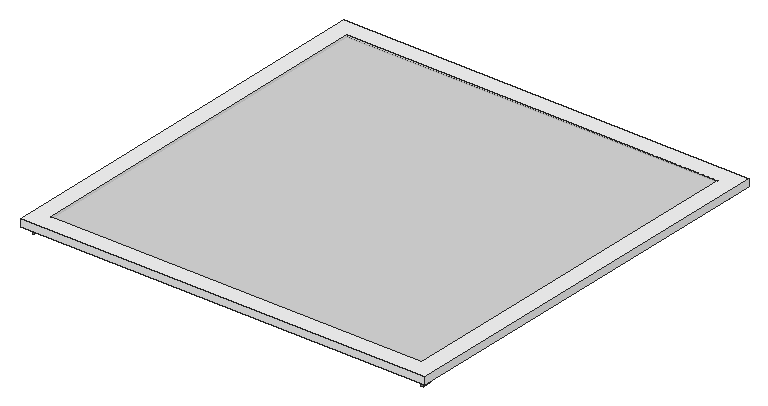
Revit family "0047750 Feilo Sylvania Lighting Fixtures START FLAT 600 3000K G2", category Lighting Fixtures, host Face, Revit 2017
Family settings
  Host = Face
  Round Connector Dimension = Use Diameter
  Part Type = Normal
  OmniClass Number = 23.80.70.11.17
  OmniClass Title = Specialized Lighting by Location or Use
  Cut with Voids When Loaded = No
  Light Source = Yes
  Shared = No
  Room Calculation Point = No
Parameters (values of type "0047750 START FLAT 600 3000K G2")
  Weight = "12.25 kg"
  Wattage = 39 W
  WarrantyStartDate [instance] = "n/a"
  WarrantyGuarantorParts = "n/a"
  WarrantyDurationUnit = "n/a"
  WarrantyDurationParts = "n/a"
  WarrantyDescription = "n/a"
  built-in parameter 1150110 = 1 (stored number, unit not read)
  Voltage = 230 V
  URL = "http://www.sylvania-lighting.com"
  TypeName = "START FLAT 600 3000K G2"
  built-in parameter 1114217 = 1 (stored number, unit not read)
  Tilt Angle = -90.00°
  built-in parameter 1150109 = 1 (stored number, unit not read)
  built-in parameter 1150134 = (empty or 0)
  built-in parameter 1150113 = 1 (stored number, unit not read)
  SerialNumber [instance] = "n/a"
  PowerFactor = 0.9
  PowerConsumption = "39 W"
  Photometric Web File = "0047750.ies"
  NominalWidth = 0.0 mm
  NominalLength = 595.0 mm
  NominalHeight = 10.5 mm
  Name = "START FLAT 600 3000K G2"
  ModelReference = "START FLAT 600 3000K G2"
  ModelNumber = "0047750"
  Material = "aluminium housing, pmma diffuser"
  ManufacturerName = "Feilo Sylvania"
  LuminousEfficacy = "100 lm/W"
  LuminaireType = ""
  LightOutputRatio = "n/a"
  LampsType = Lamp  # "Integrated LED"
  LampNominalLuminous = "3900 lm"
  LampMacAdamStep = "3"
  LampColourTemperature = "3000 K"
  LampColourRenderingIndex = "80"
  Keynote = "16500"
  InstallationDate [instance] = "n/a"
  InputVoltage = "220-240V~"
  InputNominalFrequency = "50/60 Hz"
  IngressProtection = "IP20"
  ImpactProtectionIndex = "IK03"
  IfcExportType = "IfcLightFixtureType"
  IfcExportAs = "IfcLightFixtureType"
  ExpectedLife = 50000
  ElectricShockClassification = "Class II"
  DurationUnit = "hours"
  DocumentationLiterature = "http://www.sylvania-lighting.com/product/en-int/products/0047750"
  DimmingControlOptions = "n/a"
  DiffuserMaterial = Polycarbonate_Sylvania_Startflat Panel LED_Opal
  Cutout Width = 574.0 mm
  Cutout Length = 574.0 mm
  CreatedOn = "11/30/2017"
  CreatedBy = ""
  built-in parameter 1114216 [instance] = 1 (stored number, unit not read)
  Model = "START FLAT 600 3000K G2"
  Manufacturer = "Feilo-Sylvania Group"
  built-in parameter 1150105 = 310.35 (stored number, unit not read)
  Lumens = 3900 lm
  built-in parameter 1150115 = 1 (stored number, unit not read)
  built-in parameter 1150137 = (empty or 0)
  built-in parameter 1150139 = (empty or 0)
  built-in parameter 1150112 = 1 (stored number, unit not read)
  built-in parameter 1150114 = 1 (stored number, unit not read)
  Lamp = "Integrated LED"  # constant formula
  built-in parameter 1150132 = 2
  built-in parameter 1150102 = (empty or 0)
  built-in parameter 1150107 = 3000 (stored number, unit not read)
  built-in parameter 1150138 = (empty or 0)
  built-in parameter 1150106 = 3.1035 (stored number, unit not read)
  BodyMaterial = Metal_Sylvania_Startflat Panel LED_White
  Emit from Rectangle Width = 545.0 mm
  Emit from Rectangle Length = 545.0 mm
  Emit Shape Visible in Rendering = no
  built-in parameter 1150104 = 9.2903 (stored number, unit not read)
  Dimming Lamp Color Temperature Shift = <None>
  Description = "Ultra thin LED Panel, excellent uniformity of light, perfect for ceilings with low voids, high efficacy.Ulta thin edgelit LED 600x600mm Panel with, excellent uniform light distribution. Acrylic PMMA diffuser optimising light output whilst reducing glare. 4239lm 93lm/W."  # constant formula
  Default Elevation = 0.0 mm
  Color Filter = 16777215
  built-in parameter 1140040 [instance] = 1
  BarCode [instance] = "n/a"
  built-in parameter 1114218 = 1 (stored number, unit not read)
  built-in parameter 1150133 = 10 (stored number, unit not read)
  AssetType = "Fixed"
  AssetIdentifier [instance] = "n/a"
  Assembly Code = "D5020200"
  Apparent Load = 39 VA
  MountingMaterial = Metal_Sylvania_Startflat Panel LED_Silver
Reference planes
  plane 1 "Center (Front/Back)": y = 0
  plane 2 "Fixture Top": z = 0
  plane 3 "Center (Left/Right)": x = 0
  plane 4: x = 295.5
  plane 5: x = -295.5
  plane 6 "Fixture Back": y = 297.5
  plane 7 "Fixture Front": y = -297.5
  plane 8 "Fixture Left": x = -297.5
  plane 9 "Fixture Right": x = 297.5
  plane 10: y = 295.5
  plane 11: y = -295.5
  plane 12: x = 272.5
  plane 13: x = -272.5
  plane 14: y = 272.5
  plane 15: y = -272.5
  plane 16: x = -287
  plane 17: x = 287
  plane 18: y = 287
  plane 19: y = -287
  plane 20 "Fixture Bottom": z = 10.5
  plane 21: z = 8.5
  plane 22: z = 6.5
  plane 23: z = -10
  plane 24: z = 2
Forms (mm)
  Extrusion 1, void
    sketch origin (0, 0, 60) x (-1, 0, 0) y (0, -1, 0)
      loop
        line (287, -287) -> (287, 287) -> (-287, 287) -> (-287, -287) -> (287, -287)
    from -70 to -60
  Extrusion 2, solid, material "Metal_Sylvania_Startflat Panel LED_White" <- "BodyMaterial", detail levels fine
    sketch origin (0, 0, 60) x (-1, 0, 0) y (0, -1, 0)
      loop
        line (297.5, -297.5) -> (297.5, 297.5) -> (-297.5, 297.5) -> (-297.5, -297.5) -> (297.5, -297.5)
      loop
        line (272.5, -272.5) -> (272.5, 272.5) -> (-272.5, 272.5) -> (-272.5, -272.5) -> (272.5, -272.5)
    from -51.5 to -49.5
  Extrusion 3, solid, material "Metal_Sylvania_Startflat Panel LED_White" <- "BodyMaterial", detail levels fine
    sketch origin (0, 0, 60) x (-1, 0, 0) y (0, -1, 0)
      loop
        line (297.5, -297.5) -> (297.5, 297.5) -> (-297.5, 297.5) -> (-297.5, -297.5) -> (297.5, -297.5)
      loop
        line (295.5, -295.5) -> (295.5, 295.5) -> (-295.5, 295.5) -> (-295.5, -295.5) -> (295.5, -295.5)
    from -60 to -51.5
  Extrusion 4, solid, material "Polycarbonate_Sylvania_Startflat Panel LED_Opal" <- "DiffuserMaterial", detail levels fine
    sketch origin (0, 0, 60) x (-1, 0, 0) y (0, -1, 0)
      loop
        line (295.5, -295.5) -> (295.5, 295.5) -> (-295.5, 295.5) -> (-295.5, -295.5) -> (295.5, -295.5)
    from -53.5 to -51.5
  Extrusion 5, solid, material "Metal_Sylvania_Startflat Panel LED_Silver" <- "MountingMaterial", detail levels fine
    sketch origin (0, 0, 60) x (-1, 0, 0) y (0, -1, 0)
      loop
        line (287, -287) -> (287, -272.5) -> (284, -272.5) -> (284, -287) -> (287, -287)
      loop
        line (-284, -287) -> (-284, -272.5) -> (-287, -272.5) -> (-287, -287) -> (-284, -287)
      loop
        line (-284, 272.5) -> (-284, 287) -> (-287, 287) -> (-287, 272.5) -> (-284, 272.5)
      loop
        line (284, 272.5) -> (287, 272.5) -> (287, 287) -> (284, 287) -> (284, 272.5)
    from -70 to -60
  Extrusion 6, solid, material "Metal_Sylvania_Startflat Panel LED_White" <- "BodyMaterial", detail levels fine
    sketch origin (0, 0, 60) x (-1, 0, 0) y (0, -1, 0)
      loop
        line (297.5, -297.5) -> (297.5, 297.5) -> (-297.5, 297.5) -> (-297.5, -297.5) -> (297.5, -297.5)
    from -60 to -58
  Extrusion 7, solid, material "Metal_Sylvania_Startflat Panel LED_White" <- "BodyMaterial", detail levels coarse+medium
    sketch origin (0, 0, 60) x (-1, 0, 0) y (0, -1, 0)
      loop
        line (297.5, -297.5) -> (297.5, 297.5) -> (-297.5, 297.5) -> (-297.5, -297.5) -> (297.5, -297.5)
    from -60 to -49.5
Cuts and joins
  joined: Extrusion 2, Extrusion 3, Extrusion 6
Dimensions and locks
  equal spacing: plane 6 "Fixture Back", plane 1 "Center (Front/Back)", plane 7 "Fixture Front"
  locked: plane 6 "Fixture Back" to plane 7 "Fixture Front" at 595
  equal spacing: plane 8 "Fixture Left", plane 3 "Center (Left/Right)", plane 9 "Fixture Right"
  locked: plane 8 "Fixture Left" to plane 9 "Fixture Right" at 595
  locked: plane 8 "Fixture Left" to plane 5 at 2
  locked: plane 4 to plane 9 "Fixture Right" at 2
  locked: plane 6 "Fixture Back" to plane 10 at 2
  locked: plane 11 to plane 7 "Fixture Front" at 2
  locked: plane 12 to plane 9 "Fixture Right" at 25
  locked: plane 8 "Fixture Left" to plane 13 at 25
  locked: plane 6 "Fixture Back" to plane 14 at 25
  locked: plane 15 to plane 7 "Fixture Front" at 25
  equal spacing: plane 16, plane 3 "Center (Left/Right)", plane 17
  "Cutout Length": plane 16 to plane 17
  equal spacing: plane 18, plane 1 "Center (Front/Back)", plane 19
  "Cutout Width": plane 18 to plane 19
  locked: plane 20 "Fixture Bottom" to plane 2 "Fixture Top" at 10.5
  plane 20 "Fixture Bottom" to plane 21 to plane 22 = 2.0 mm locked, 2.0 mm locked
  locked: plane 2 "Fixture Top" to plane 23 at 10
  locked: plane 16 to Extrusion 5 sketch curve at 3
  locked: Extrusion 5 sketch curve to plane 17 at 3
  locked: plane 24 to plane 2 "Fixture Top" at 2
  aligned and locked: level to host face
  aligned and locked: imposter light to plane 1 "Center (Front/Back)"
  aligned and locked: plane 2 "Fixture Top" to Extrusion 1
  aligned and locked: Extrusion 2 sketch curve to plane 6 "Fixture Back"
  aligned and locked: plane 8 "Fixture Left" to Extrusion 2 sketch curve
  aligned and locked: plane 7 "Fixture Front" to Extrusion 2 sketch curve
  aligned and locked: Extrusion 2 sketch curve to plane 9 "Fixture Right"
  aligned and locked: Extrusion 2 sketch curve to plane 14
  aligned and locked: plane 13 to Extrusion 2 sketch curve
  aligned and locked: plane 15 to Extrusion 2 sketch curve
  aligned and locked: Extrusion 2 sketch curve to plane 12
  aligned and locked: Extrusion 3 sketch curve to Extrusion 2  (x4)
  aligned and locked: Extrusion 3 sketch curve to plane 10
  aligned and locked: plane 5 to Extrusion 3 sketch curve
  aligned and locked: plane 11 to Extrusion 3 sketch curve
  aligned and locked: Extrusion 3 sketch curve to plane 4
  aligned and locked: Extrusion 4 sketch curve to cut or joined group of Extrusion 2, Extrusion 3, Extrusion 6  (x4)
  aligned and locked: plane 16 to Extrusion 1 sketch curve
  aligned and locked: Extrusion 1 sketch curve to plane 17
  aligned and locked: Extrusion 1 sketch curve to plane 18
  aligned and locked: plane 19 to Extrusion 1 sketch curve
  aligned and locked: plane 20 "Fixture Bottom" to cut or joined group of Extrusion 2, Extrusion 3, Extrusion 6
  aligned and locked: cut or joined group of Extrusion 2, Extrusion 3, Extrusion 6 to plane 21
  aligned and locked: plane 21 to cut or joined group of Extrusion 2, Extrusion 3, Extrusion 6
  aligned and locked: cut or joined group of Extrusion 2, Extrusion 3, Extrusion 6 to plane 2 "Fixture Top"
  aligned and locked: plane 21 to Extrusion 4
  aligned and locked: Extrusion 4 to plane 22
  aligned and locked: level to plane 2 "Fixture Top"
  aligned and locked: plane 3 "Center (Left/Right)" to imposter light
  aligned and locked: plane 20 "Fixture Bottom" to imposter light
  aligned and locked: Extrusion 5 sketch curve to plane 18  (x2)
  aligned and locked: plane 16 to Extrusion 5 sketch curve
  aligned and locked: cut or joined group of Extrusion 2, Extrusion 3, Extrusion 6 to Extrusion 5 sketch curve  (x3)
  aligned and locked: plane 14 to Extrusion 5 sketch curve
  aligned and locked: Extrusion 5 sketch curve to plane 17  (x2)
  aligned and locked: plane 19 to Extrusion 5 sketch curve
  aligned and locked: Extrusion 5 sketch curve to plane 19
  aligned and locked: Extrusion 5 sketch curve to plane 16
  aligned and locked: Extrusion 5 to plane 23
  aligned and locked: Extrusion 5 sketch curve to Extrusion 5 sketch curve  (x2)
  aligned and locked: Extrusion 6 sketch curve to cut or joined group of Extrusion 2, Extrusion 3, Extrusion 6  (x4)
  aligned and locked: Extrusion 6 to plane 2 "Fixture Top"
  aligned and locked: plane 24 to Extrusion 6
  aligned and locked: plane 2 "Fixture Top" to Extrusion 5
  aligned and locked: Extrusion 7 sketch curve to cut or joined group of Extrusion 2, Extrusion 3, Extrusion 6  (x4)
  aligned and locked: Extrusion 7 to plane 2 "Fixture Top"
  aligned and locked: plane 20 "Fixture Bottom" to Extrusion 7
  aligned and locked: Extrusion 1 to Extrusion 5
Automatic sketch dimensions
  host sketch curve to host sketch curve = 1461.012 mm
  host sketch curve to host sketch curve = 1283.632 mm
Connectors
  electrical at (0, 0, 0), driven by "Apparent Load"
    settings: on cut or joined group of Extrusion 2, Extrusion 3, Extrusion 6, index 1, voltage 230 V, apparent load 0 VA, apparent load phase1 39 VA, apparent load phase2 0 VA, apparent load phase3 0 VA, power factor 1, load classification "Lighting", number of poles 1, system type 31, power factor state 1, is connector primary yes, connector utility no, sub classification motor no, connector description ""
